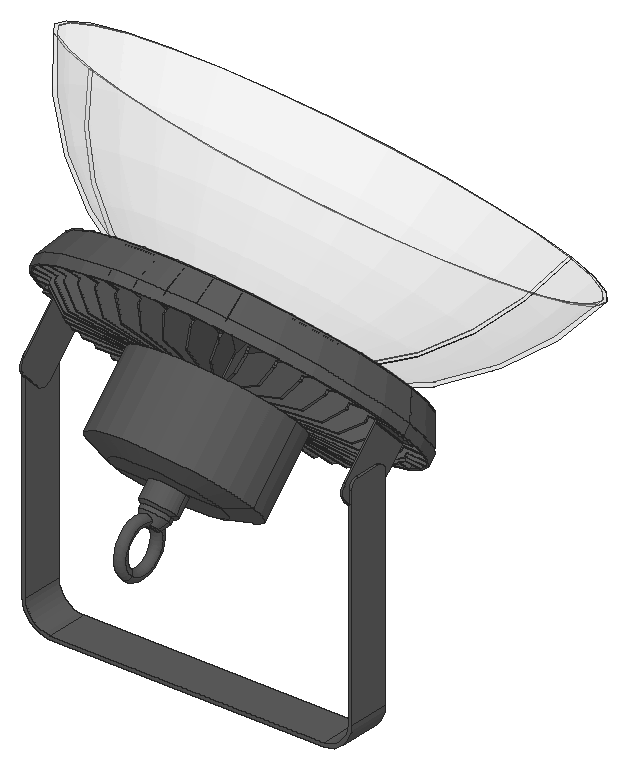
Revit family "0039351+0039354+0039358 Feilo Sylvania Lighting Fixture START HIGHBAY 6K 19KLM WIDE with BRACKET and PC LAMPSHADE TRANSPARENT", category Lighting Fixtures, host Face, Revit 2017 (continued)
Definition of nested family "Start LED Highbay Head"
  Dimensions and locks
    "RHRadius2_FEILO": plane 3 "Center (Left/Right)" to plane 32
    "RHHeight3_FEILO": plane 31 to plane 33
    "RHHeight4_FEILO": plane 33 to plane 34
    "RHRadius3_FEILO": plane 3 "Center (Left/Right)" to plane 35
    "RHHeight1_FEILO": plane 28 to plane 30
    "EyeInner_FEILO": plane 34 to plane 36
    "EyeInner_FEILO": plane 36 to plane 37
    equal spacing: plane 38, plane 3 "Center (Left/Right)", plane 39
    "EyeThickness_FEILO": plane 38 to plane 39
    "EyeThickness_FEILO": plane 37 to plane 40
    equal spacing: plane 37, plane 41, plane 40
    equal spacing: plane 6, plane 42, plane 18
    "ThicknessBracket_FEILO": plane 45 to plane 6
    "ThicknessBracket_FEILO": plane 8 to plane 44
    locked: plane 43 to plane 18 at 1
    equal spacing: plane 24, plane 46, plane 26
    equal spacing: plane 47, plane 1 "Center (Front/Back)", plane 48
    "WidthBracket_FEILO": plane 47 to plane 48
    "WidthRingChamfer_FEILO": plane 50 to plane 49
    "ThicknessWall_FEILO": plane 51 to plane 49
    equal spacing: plane 50, plane 52, plane 51
    "ThicknessBracket_FEILO": plane 54 to plane 50
    locked: plane 53 to plane 51 at 1
    "Radius_FEILO": plane 49 to plane 3 "Center (Left/Right)"
    "ShadeRadiusOut_FEILO": plane 3 "Center (Left/Right)" to plane 55
    "ShadeHeight_FEILO": plane 56 to plane 4
    "ShadeRadiusIn_FEILO": plane 3 "Center (Left/Right)" to plane 57
    locked: plane 58 to plane 57 at 8
    "ShadeThickness_FEILO": plane 60 to plane 4
    "ShadeThickness_FEILO": plane 59 to plane 55
    "EyeThicknessHalf_FEILO": radius of curve 8
    "ThicknessBracket_FEILO": radius of Extrusion 7 sketch curve  (x2)
    "ThicknessBracketHalf_FEILO": radius of Extrusion 7 sketch curve  (x2)
    "ShadeRadiusBend_FEILO": radius of curve 9
    aligned and locked: plane 2 to Extrusion 1
    aligned and locked: level to Extrusion 1
    aligned and locked: plane 5 to curve 1
    aligned and locked: plane 6 to curve 1
    aligned and locked: plane 7 to curve 1
    aligned and locked: plane 10 to curve 2
    aligned and locked: plane 9 to curve 3
    aligned and locked: plane 4 to curve 3
    aligned and locked: plane 11 to curve 3
    aligned and locked: plane 4 to curve 4
    aligned and locked: plane 18 to curve 5
    aligned and locked: plane 10 to curve 5
    aligned and locked: Revolve 2 sketch curve to plane 3 "Center (Left/Right)"
    aligned and locked: Revolve 2 sketch curve to curve 3
    aligned and locked: Revolve 2 sketch curve to curve 1
    aligned and locked: plane 4 to Revolve 2 sketch curve
    aligned and locked: plane 9 to Revolve 2 sketch curve
    aligned and locked: Revolve 2 sketch curve to plane 13
    aligned and locked: Revolve 2 sketch curve to plane 10
    aligned and locked: plane 13 to Revolve 2 sketch curve
    aligned and locked: plane 10 to Revolve 2 sketch curve
    aligned and locked: Revolve 2 sketch curve to plane 18
    aligned and locked: Revolve 2 sketch curve to plane 8
    aligned and locked: plane 5 to Revolve 2 sketch curve  (x2)
    aligned and locked: Revolve 3 sketch curve to plane 3 "Center (Left/Right)"
    aligned and locked: plane 11 to Revolve 3 sketch curve
    aligned and locked: Revolve 3 sketch curve to curve 2
    aligned and locked: plane 15 to Revolve 3 sketch curve
    aligned and locked: Revolve 3 sketch curve to plane 16
    aligned and locked: plane 17 to Revolve 3 sketch curve  (x2)
    aligned and locked: Revolve 3 sketch curve to plane 12
    aligned and locked: plane 7 to Revolve 3 sketch curve
    aligned and locked: Revolve 4 sketch curve to plane 3 "Center (Left/Right)"
    aligned and locked: Revolve 4 sketch curve to plane 14
    aligned and locked: plane 3 "Center (Left/Right)" to Revolve 4 sketch curve
    aligned and locked: Revolve 4 sketch curve to plane 12
    aligned and locked: plane 15 to Revolve 4 sketch curve
    aligned and locked: Revolve 2 sketch curve to curve 5
    aligned and locked: plane 22 to curve 6
    aligned and locked: plane 21 to curve 6
    aligned and locked: plane 20 to curve 6
    aligned and locked: plane 19 to curve 6
    aligned and locked: plane 33 to curve 7
    aligned and locked: plane 32 to curve 7
    aligned and locked: plane 35 to curve 7
    aligned and locked: plane 34 to curve 7
    aligned and locked: Revolve 5 sketch curve to plane 3 "Center (Left/Right)"
    aligned and locked: Revolve 5 sketch curve to plane 25
    aligned and locked: plane 27 to Revolve 5 sketch curve
    aligned and locked: plane 28 to Revolve 5 sketch curve
    aligned and locked: plane 30 to Revolve 5 sketch curve
    aligned and locked: Revolve 5 sketch curve to plane 29
    aligned and locked: plane 31 to Revolve 5 sketch curve
    aligned and locked: Revolve 5 sketch curve to curve 7
    aligned and locked: Revolve 5 sketch curve to plane 32
    aligned and locked: plane 34 to Revolve 5 sketch curve
    aligned and locked: plane 3 "Center (Left/Right)" to Revolve 5 sketch curve
    aligned and locked: plane 3 "Center (Left/Right)" to curve 8
    aligned and locked: plane 41 to curve 8
    aligned and locked: Revolve 6 sketch curve to plane 36
    aligned and locked: Revolve 6 sketch curve to curve 8
    aligned and locked: plane 43 to Extrusion 7 sketch curve  (x2)
    aligned and locked: plane 8 to Extrusion 7 sketch curve  (x3)
    aligned and locked: Extrusion 7 sketch curve to plane 45
    aligned and locked: Extrusion 7 sketch curve to plane 46  (x2)
    aligned and locked: plane 6 to Extrusion 7 sketch curve
    aligned and locked: Extrusion 7 sketch curve to plane 44  (x2)
    aligned and locked: Extrusion 7 to plane 48
    aligned and locked: plane 47 to Extrusion 7
    aligned and locked: plane 53 to Extrusion 7 sketch curve
    aligned and locked: plane 50 to Extrusion 7 sketch curve
    aligned and locked: Extrusion 7 sketch curve to plane 54
    aligned and locked: Extrusion 8 sketch curve to Extrusion 8 sketch curve
    aligned and locked: Extrusion 8 to plane 6
    aligned and locked: Extrusion 8 to Extrusion 7
    aligned and locked: Revolve 5 sketch curve to plane 22
    aligned and locked: plane 23 to nested 1
    aligned and locked: plane 1 "Center (Front/Back)" to nested 1
    aligned and locked: Revolve 9 sketch curve to plane 3 "Center (Left/Right)"
    aligned and locked: Revolve 9 sketch curve to plane 4
    aligned and locked: plane 6 to Revolve 9 sketch curve
    aligned and locked: plane 4 to Revolve 9 sketch curve
    aligned and locked: plane 7 to Revolve 9 sketch curve
    aligned and locked: Revolve 9 sketch curve to plane 5
    aligned and locked: plane 8 to Revolve 9 sketch curve  (x2)
    aligned and locked: Revolve 9 sketch curve to plane 19
    aligned and locked: plane 20 to Revolve 9 sketch curve
    aligned and locked: plane 19 to Revolve 9 sketch curve
    aligned and locked: plane 21 to Revolve 9 sketch curve
    aligned and locked: plane 22 to Revolve 9 sketch curve  (x2)
    aligned and locked: Revolve 9 sketch curve to Revolve 9 sketch curve
    aligned and locked: imposter light to plane 4
    aligned and locked: plane 3 "Center (Left/Right)" to imposter light
    aligned and locked: imposter light to plane 1 "Center (Front/Back)"
    aligned and locked: plane 55 to curve 9
    aligned and locked: plane 56 to curve 9
    aligned and locked: plane 57 to curve 9
    aligned and locked: plane 4 to curve 9
    aligned and locked: Revolve 10 sketch curve to curve 9
    aligned and locked: plane 58 to Revolve 10 sketch curve
    aligned and locked: plane 57 to Revolve 10 sketch curve
    aligned and locked: plane 56 to Revolve 10 sketch curve  (x2)
    aligned and locked: Revolve 10 sketch curve to plane 58
    aligned and locked: plane 60 to Revolve 10 sketch curve
  Automatic sketch dimensions
    Extrusion 1 sketch curve to Extrusion 1 sketch curve = 2438.4 mm  (x2)
    Revolve 2 sketch curve to plane 6 = 0.299 mm
    plane 6 to Revolve 2 sketch curve = 0.459 mm
    Revolve 2 sketch curve to level = 609.6 mm
    Revolve 2 sketch curve to Revolve 2 sketch curve = 2312.223 mm
    Revolve 3 sketch curve to plane 12 = 0 mm
    Revolve 3 sketch curve to plane 3 "Center (Left/Right)" = 0 mm
    Revolve 3 sketch curve to level = 609.6 mm
    Revolve 3 sketch curve to plane 4 = 2339.058 mm
    Revolve 4 sketch curve to level = 609.6 mm
    Revolve 4 sketch curve to plane 4 = 2339.058 mm
    Revolve 6 sketch curve to plane 5 = 1080 mm
    plane 38 to Revolve 6 sketch curve = 1219.2 mm
    Extrusion 8 sketch curve to plane 47 = 0 mm
    plane 46 to Extrusion 8 sketch curve = 0 mm  (x2)
    Extrusion 8 sketch curve to plane 48 = 0 mm
    plane 47 to Extrusion 8 sketch curve = 5 mm
    plane 1 "Center (Front/Back)" to Extrusion 8 sketch curve = 10 mm
    Extrusion 8 sketch curve to Extrusion 8 sketch curve = 10 mm
    plane 46 to Extrusion 8 sketch curve = 5 mm
    Extrusion 8 sketch curve to Extrusion 8 sketch curve = 5 mm
    Extrusion 8 sketch curve to plane 48 = 5 mm
    Revolve 5 sketch curve to plane 26 = 0 mm
    Revolve 5 sketch curve to plane 35 = 0.437 mm
    plane 35 to Revolve 5 sketch curve = 0.847 mm
    Revolve 5 sketch curve to plane 34 = 0.726 mm
    plane 40 to Revolve 5 sketch curve = 590.2 mm
    Revolve 5 sketch curve to plane 4 = 2339.058 mm
    Revolve 9 sketch curve to level = 609.6 mm
    Revolve 9 sketch curve to Revolve 9 sketch curve = 2386.058 mm
    curve 2 to plane 3 "Center (Left/Right)" = 0 mm
    Revolve 10 sketch curve to Revolve 10 sketch curve = 0 mm  (x2)
    Revolve 10 sketch curve to plane 3 "Center (Left/Right)" = 0 mm
    plane 57 to Revolve 10 sketch curve = 0.659 mm
    Revolve 10 sketch curve to level = 609.6 mm
    Revolve 10 sketch curve to Revolve 10 sketch curve = 2068.248 mm
  Nested families
    nested 1: "Start Highbay Rib" at (0, 0, 67.775), type "Type Name", detail levels medium+fine
      with SuspensionHeight_FEILO 2.6 mm
    nested 2: "Start Highbay Rib" at (0, 0, 67.775) x (0.9877, 0.1564, 0) z (0, 0, 1), type "Type Name", detail levels medium+fine
      with SuspensionHeight_FEILO 2.6 mm
    nested 3: "Start Highbay Rib" at (0, 0, 67.775) x (0.9511, 0.309, 0) z (0, 0, 1), type "Type Name", detail levels medium+fine
      with SuspensionHeight_FEILO 2.6 mm
    nested 4: "Start Highbay Rib" at (0, 0, 67.775) x (0.891, 0.454, 0) z (0, 0, 1), type "Type Name", detail levels medium+fine
      with SuspensionHeight_FEILO 2.6 mm
    nested 5: "Start Highbay Rib" at (0, 0, 67.775) x (0.809, 0.5878, 0) z (0, 0, 1), type "Type Name", detail levels medium+fine
      with SuspensionHeight_FEILO 2.6 mm
    nested 6: "Start Highbay Rib" at (0, 0, 67.775) x (0.7071, 0.7071, 0) z (0, 0, 1), type "Type Name", detail levels medium+fine
      with SuspensionHeight_FEILO 2.6 mm
    nested 7: "Start Highbay Rib" at (0, 0, 67.775) x (0.5878, 0.809, 0) z (0, 0, 1), type "Type Name", detail levels medium+fine
      with SuspensionHeight_FEILO 2.6 mm
    nested 8: "Start Highbay Rib" at (0, 0, 67.775) x (0.454, 0.891, 0) z (0, 0, 1), type "Type Name", detail levels medium+fine
      with SuspensionHeight_FEILO 2.6 mm
    nested 9: "Start Highbay Rib" at (0, 0, 67.775) x (0.309, 0.9511, 0) z (0, 0, 1), type "Type Name", detail levels medium+fine
      with SuspensionHeight_FEILO 2.6 mm
    nested 10: "Start Highbay Rib" at (0, 0, 67.775) x (0.1564, 0.9877, 0) z (0, 0, 1), type "Type Name", detail levels medium+fine
      with SuspensionHeight_FEILO 2.6 mm
    nested 11: "Start Highbay Rib" at (0, 0, 67.775) x (0, 1, 0) z (0, 0, 1), type "Type Name", detail levels medium+fine
      with SuspensionHeight_FEILO 2.6 mm
    nested 12: "Start Highbay Rib" at (0, 0, 67.775) x (-0.1564, 0.9877, 0) z (0, 0, 1), type "Type Name", detail levels medium+fine
      with SuspensionHeight_FEILO 2.6 mm
    nested 13: "Start Highbay Rib" at (0, 0, 67.775) x (-0.309, 0.9511, 0) z (0, 0, 1), type "Type Name", detail levels medium+fine
      with SuspensionHeight_FEILO 2.6 mm
    nested 14: "Start Highbay Rib" at (0, 0, 67.775) x (-0.454, 0.891, 0) z (0, 0, 1), type "Type Name", detail levels medium+fine
      with SuspensionHeight_FEILO 2.6 mm
    nested 15: "Start Highbay Rib" at (0, 0, 67.775) x (-0.5878, 0.809, 0) z (0, 0, 1), type "Type Name", detail levels medium+fine
      with SuspensionHeight_FEILO 2.6 mm
    nested 16: "Start Highbay Rib" at (0, 0, 67.775) x (-0.7071, 0.7071, 0) z (0, 0, 1), type "Type Name", detail levels medium+fine
      with SuspensionHeight_FEILO 2.6 mm
    nested 17: "Start Highbay Rib" at (0, 0, 67.775) x (-0.809, 0.5878, 0) z (0, 0, 1), type "Type Name", detail levels medium+fine
      with SuspensionHeight_FEILO 2.6 mm
    nested 18: "Start Highbay Rib" at (0, 0, 67.775) x (-0.891, 0.454, 0) z (0, 0, 1), type "Type Name", detail levels medium+fine
      with SuspensionHeight_FEILO 2.6 mm
    nested 19: "Start Highbay Rib" at (0, 0, 67.775) x (-0.9511, 0.309, 0) z (0, 0, 1), type "Type Name", detail levels medium+fine
      with SuspensionHeight_FEILO 2.6 mm
    nested 20: "Start Highbay Rib" at (0, 0, 67.775) x (-0.9877, 0.1564, 0) z (0, 0, 1), type "Type Name", detail levels medium+fine
      with SuspensionHeight_FEILO 2.6 mm
    nested 21: "Start Highbay Rib" at (0, 0, 67.775) x (-1, 0, 0) z (0, 0, 1), type "Type Name", detail levels medium+fine
      with SuspensionHeight_FEILO 2.6 mm
    nested 22: "Start Highbay Rib" at (0, 0, 67.775) x (-0.9877, -0.1564, 0) z (0, 0, 1), type "Type Name", detail levels medium+fine
      with SuspensionHeight_FEILO 2.6 mm
    nested 23: "Start Highbay Rib" at (0, 0, 67.775) x (-0.9511, -0.309, 0) z (0, 0, 1), type "Type Name", detail levels medium+fine
      with SuspensionHeight_FEILO 2.6 mm
    nested 24: "Start Highbay Rib" at (0, 0, 67.775) x (-0.891, -0.454, 0) z (0, 0, 1), type "Type Name", detail levels medium+fine
      with SuspensionHeight_FEILO 2.6 mm
    nested 25: "Start Highbay Rib" at (0, 0, 67.775) x (-0.809, -0.5878, 0) z (0, 0, 1), type "Type Name", detail levels medium+fine
      with SuspensionHeight_FEILO 2.6 mm
    nested 26: "Start Highbay Rib" at (0, 0, 67.775) x (-0.7071, -0.7071, 0) z (0, 0, 1), type "Type Name", detail levels medium+fine
      with SuspensionHeight_FEILO 2.6 mm
    nested 27: "Start Highbay Rib" at (0, 0, 67.775) x (-0.5878, -0.809, 0) z (0, 0, 1), type "Type Name", detail levels medium+fine
      with SuspensionHeight_FEILO 2.6 mm
    nested 28: "Start Highbay Rib" at (0, 0, 67.775) x (-0.454, -0.891, 0) z (0, 0, 1), type "Type Name", detail levels medium+fine
      with SuspensionHeight_FEILO 2.6 mm
    nested 29: "Start Highbay Rib" at (0, 0, 67.775) x (-0.309, -0.9511, 0) z (0, 0, 1), type "Type Name", detail levels medium+fine
      with SuspensionHeight_FEILO 2.6 mm
    nested 30: "Start Highbay Rib" at (0, 0, 67.775) x (-0.1564, -0.9877, 0) z (0, 0, 1), type "Type Name", detail levels medium+fine
      with SuspensionHeight_FEILO 2.6 mm
    nested 31: "Start Highbay Rib" at (0, 0, 67.775) x (0, -1, 0) z (0, 0, 1), type "Type Name", detail levels medium+fine
      with SuspensionHeight_FEILO 2.6 mm
    nested 32: "Start Highbay Rib" at (0, 0, 67.775) x (0.1564, -0.9877, 0) z (0, 0, 1), type "Type Name", detail levels medium+fine
      with SuspensionHeight_FEILO 2.6 mm
    nested 33: "Start Highbay Rib" at (0, 0, 67.775) x (0.309, -0.9511, 0) z (0, 0, 1), type "Type Name", detail levels medium+fine
      with SuspensionHeight_FEILO 2.6 mm
    nested 34: "Start Highbay Rib" at (0, 0, 67.775) x (0.454, -0.891, 0) z (0, 0, 1), type "Type Name", detail levels medium+fine
      with SuspensionHeight_FEILO 2.6 mm
    nested 35: "Start Highbay Rib" at (0, 0, 67.775) x (0.5878, -0.809, 0) z (0, 0, 1), type "Type Name", detail levels medium+fine
      with SuspensionHeight_FEILO 2.6 mm
    nested 36: "Start Highbay Rib" at (0, 0, 67.775) x (0.7071, -0.7071, 0) z (0, 0, 1), type "Type Name", detail levels medium+fine
      with SuspensionHeight_FEILO 2.6 mm
    nested 37: "Start Highbay Rib" at (0, 0, 67.775) x (0.809, -0.5878, 0) z (0, 0, 1), type "Type Name", detail levels medium+fine
      with SuspensionHeight_FEILO 2.6 mm
    nested 38: "Start Highbay Rib" at (0, 0, 67.775) x (0.891, -0.454, 0) z (0, 0, 1), type "Type Name", detail levels medium+fine
      with SuspensionHeight_FEILO 2.6 mm
    nested 39: "Start Highbay Rib" at (0, 0, 67.775) x (0.9511, -0.309, 0) z (0, 0, 1), type "Type Name", detail levels medium+fine
      with SuspensionHeight_FEILO 2.6 mm
    nested 40: "Start Highbay Rib" at (0, 0, 67.775) x (0.9877, -0.1564, 0) z (0, 0, 1), type "Type Name", detail levels medium+fine
      with SuspensionHeight_FEILO 2.6 mm
  Definition of nested family "Start Highbay Rib"
    Parameters (values of type "Type Name")
      WidthStraight_FEILO = if(SizeS_FEILO, 3 mm, if(SizeM_FEILO, 4 mm, 4.7 mm))  # 3 mm
      WidthRingChamfer_FEILO = if(SizeS_FEILO, 10.3 mm, if(SizeM_FEILO, 11.2 mm, 12.9 mm))  # 10.3 mm
      WidthCurved_FEILO = if(SizeS_FEILO, 17.4 mm, if(SizeM_FEILO, 16.4 mm, 26.2 mm))  # 17.4 mm
      WidthCurvedRing_FEILO = if(SizeS_FEILO, 3 mm, if(SizeM_FEILO, 4 mm, 4.7 mm))  # 3 mm
      WidthBracket_FEILO = 40 mm
      URL = "http://www.feilosylvania.com"
      Type Image = (empty or 0)
      Type Comments = "n/a"
      ThicknessWall_FEILO = 1.5 mm
      ThicknessBracket_FEILO = 1.5 mm
      ThicknessBracketHalf_FEILO = ThicknessBracket_FEILO / 2  # 0.75 mm
      SuspensionHeight_FEILO [instance] = 2.6 mm
      SizeS_FEILO = yes
      SizeM_FEILO = no
      Rib4_FEILO = if(SizeS_FEILO, 18.1 mm, if(SizeM_FEILO, 13.6 mm, 14.6 mm))  # 18.1 mm
      Rib3_FEILO = if(SizeS_FEILO, 15.3 mm, if(SizeM_FEILO, 17.6 mm, 20.2 mm))  # 15.3 mm
      Rib2_FEILO = if(SizeS_FEILO, 3.6 mm, if(SizeM_FEILO, 3.9 mm, 4.5 mm))  # 3.6 mm
      Rib1_FEILO = if(SizeS_FEILO, 15.1 mm, if(SizeM_FEILO, 16.5 mm, 19 mm))  # 15.1 mm
      RadiusRib_FEILO = 2 mm
      RadiusDiffuser_FEILO = if(SizeS_FEILO, 95.2 mm, if(SizeM_FEILO, 105.3 mm, 120 mm))  # 95.2 mm
      RHRadius3_FEILO = if(SizeS_FEILO, 6.6 mm, if(SizeM_FEILO, 7.4 mm, 8.6 mm))  # 6.6 mm
      RHRadius2_FEILO = if(SizeS_FEILO, 11 mm, if(SizeM_FEILO, 12 mm, 14 mm))  # 11 mm
      RHRadius1_FEILO = if(SizeS_FEILO, 13.6 mm, if(SizeM_FEILO, 14.9 mm, 17.7 mm))  # 13.6 mm
      RHHeight4_FEILO = if(SizeS_FEILO, 7.3 mm, if(SizeM_FEILO, 8 mm, 9.2 mm))  # 7.3 mm
      RHHeight3_FEILO = if(SizeS_FEILO, 3.6 mm, if(SizeM_FEILO, 3.7 mm, 4.6 mm))  # 3.6 mm
      RHHeight2_FEILO = if(SizeS_FEILO, 2 mm, if(SizeM_FEILO, 2.2 mm, 2.6 mm))  # 2 mm
      RHHeight1_FEILO = if(SizeS_FEILO, 11.8 mm, if(SizeM_FEILO, 15.3 mm, 17.4 mm))  # 11.8 mm
      Material_3_FEILO = none
      Model = ""
      Manufacturer = "Feilo Sylvania"
      Keynote = "16500"
      HeightRing_FEILO = if(SizeS_FEILO, 19.8 mm, if(SizeM_FEILO, 32 mm, 36.8 mm))  # 19.8 mm
      HeightRingChamfer_FEILO = if(SizeS_FEILO, 11.7 mm, if(SizeM_FEILO, 23.2 mm, 26.6 mm))  # 11.7 mm
      EyeThickness_FEILO = if(SizeS_FEILO, 8.4 mm, if(SizeM_FEILO, 9.2 mm, 10.5 mm))  # 8.4 mm
      EyeThicknessHalf_FEILO = EyeThickness_FEILO / 2  # 4.2 mm
      EyeInner_FEILO = if(SizeS_FEILO, 13.8 mm, if(SizeM_FEILO, 15.1 mm, 17.3 mm))  # 13.8 mm
      DriverVerticalStraight_FEILO = if(SizeS_FEILO, 46.5 mm, if(SizeM_FEILO, 49.7 mm, 57 mm))  # 46.5 mm
      DriverVerticalChamfer_FEILO = if(SizeS_FEILO, 7.5 mm, if(SizeM_FEILO, 8.2 mm, 9.5 mm))  # 7.5 mm
      DriverRadius_FEILO = if(SizeS_FEILO, 61.4 mm, if(SizeM_FEILO, 67.2 mm, 76.4 mm))  # 61.4 mm
      DriverRadiusTop_FEILO = if(SizeS_FEILO, 42 mm, if(SizeM_FEILO, 45.3 mm, 52.4 mm))  # 42 mm
      DriverBottom_FEILO = if(SizeS_FEILO, 56 mm, if(SizeM_FEILO, 64.5 mm, 74 mm))  # 56 mm
      Material_2_FEILO = none
      Radius_FEILO = if(SizeS_FEILO, 135 mm, if(SizeM_FEILO, 148 mm, 169.5 mm))  # 135 mm
      Description = ""
      Default Elevation = 1219.2 mm
      Cost = 0
      Material_1_FEILO = none
      Assembly Code = "D5020200"
      Material_4_FEILO = none
    Reference planes
      plane 1 "Center (Front/Back)": y = 0
      plane 2: z = 0
      plane 3 "Center (Left/Right)": x = 0
      plane 4: z = 2.6
      plane 5: x = -135
      plane 6: x = -124.7
      plane 7: z = -9.1
      plane 8: z = -17.2
      plane 9: x = -121.7
      plane 10: z = -0.025
      plane 11: x = -104.3
      plane 12: x = -95.2
      plane 13: x = -118.7
      plane 14: z = 0.975
      plane 15: z = -1.025
      plane 16: x = -92.2
      plane 17: z = -2.025
      plane 18: x = -133.5
      plane 19: x = -119.9
      plane 20: z = -20.8
      plane 21: x = -104.6
      plane 22: z = -38.9
      plane 23: x = -20
      plane 24: z = -53.4
      plane 25: x = -61.4
      plane 26: z = -99.9
      plane 27: x = -42
      plane 28: z = -107.4
      plane 29: x = -13.6
      plane 30: z = -119.2
      plane 31: z = -121.2
      plane 32: x = -11
      plane 33: z = -124.8
      plane 34: z = -132.1
      plane 35: x = -6.6
      plane 36: z = -145.9
      plane 37: z = -159.7
      plane 38: x = 4.2
      plane 39: x = -4.2
      plane 40: z = -168.1
      plane 41: z = -163.9
      plane 42: x = -129.1
      plane 43: x = -132.5
      plane 44: z = -18.7
      plane 45: x = -123.2
      plane 46: z = -76.65
      plane 47: y = -20
      plane 48: y = 20
      plane 49: x = 135
      plane 50: x = 124.7
      plane 51: x = 133.5
      plane 52: x = 129.1
      plane 53: x = 132.5
      plane 54: x = 123.2
      plane 55: y = 0.75
      plane 56: y = -0.75
    Forms (mm)
      Extrusion 1, solid
        sketch origin (4.2, 0, 0) x (1, 0, 0) y (0, 1, 0)
          loop
            line (-1219.2, 1219.2) -> (-1219.2, -1219.2) -> (1219.2, -1219.2) -> (1219.2, 1219.2) -> (-1219.2, 1219.2)
        from 0 to -68.017
      Extrusion 2, solid, material <- "Material_1_FEILO"
        sketch origin (0, 0, 0) x (1, 0, 0) y (0, 0, 1)
          loop
            arc (-104.3, -0.025) -> (-111.555, 0.423) -> (-118.7, 1.76) r 58.981
            line (-118.7, 1.76) -> (-118.7, -0.025) -> (-125.012, -0.025) -> (-133.5, -9.666) -> (-133.5, -17.2) -> (-119.9, -17.2) -> (-119.9, -20.068)
            arc (-119.9, -20.068) -> (-119.778, -20.755) -> (-119.427, -21.359) r 2
            line (-119.427, -21.359) -> (-104.966, -38.467)
            arc (-104.966, -38.467) -> (-104.381, -38.789) -> (-103.723, -38.9) r 2
            line (-103.723, -38.9) -> (-20, -38.9) -> (-20, -9.1) -> (-95.2, -9.1) -> (-95.2, -2.025) -> (-104.3, -2.025) -> (-104.3, -0.025)
        from -0.75 to 0.75
    Lines and regions (mm)
      reference lines
        curve 1: line (-135, 0, -9.1) -> (-124.7, 0, 2.6)
        curve 2: line (-104.3, 0, -0.025) -> (0, 0, -0.025)
        curve 3: arc (-104.3, 0, -0.025) -> (-113.098, 0, 0.635) -> (-121.7, 0, 2.6) r 58.981
        curve 4: line (-124.7, 0, 2.6) -> (-121.7, 0, 2.6)
        curve 5: line (-125.012, 0, -0.025) -> (-133.5, 0, -9.666)
        curve 6: line (-119.9, 0, -20.8) -> (-104.6, 0, -38.9)
    Dimensions and locks
      "Radius_FEILO": plane 3 "Center (Left/Right)" to plane 5
      "WidthRingChamfer_FEILO": plane 6 to plane 5
      "WidthStraight_FEILO": plane 9 to plane 6
      "WidthCurvedRing_FEILO": plane 13 to plane 9
      locked: plane 10 to plane 15 at 1
      locked: plane 14 to plane 10 at 1
      locked: plane 4 to plane 10 at 2.625
      locked: plane 15 to plane 17 at 1
      "ThicknessWall_FEILO": plane 18 to plane 5
      "ThicknessWall_FEILO": curve 5 to curve 1
      "HeightRingChamfer_FEILO": plane 4 to plane 7
      "HeightRing_FEILO": plane 4 to plane 8
      "RadiusDiffuser_FEILO": plane 3 "Center (Left/Right)" to plane 12
      locked: plane 16 to plane 12 at 3
      "WidthCurved_FEILO": plane 11 to plane 9
      "SuspensionHeight_FEILO": plane 4 to plane 2
      "Rib1_FEILO": plane 19 to plane 5
      "Rib2_FEILO": plane 8 to plane 20
      "Rib3_FEILO": plane 21 to plane 19
      "Rib4_FEILO": plane 20 to plane 22
      locked: plane 3 "Center (Left/Right)" to plane 23 at 20
      "DriverBottom_FEILO": plane 4 to plane 24
      "DriverRadius_FEILO": plane 3 "Center (Left/Right)" to plane 25
      "DriverVerticalStraight_FEILO": plane 24 to plane 26
      "DriverRadiusTop_FEILO": plane 3 "Center (Left/Right)" to plane 27
      "DriverVerticalChamfer_FEILO": plane 26 to plane 28
      "RHRadius1_FEILO": plane 3 "Center (Left/Right)" to plane 29
      "RHHeight2_FEILO": plane 30 to plane 31
      "RHRadius2_FEILO": plane 3 "Center (Left/Right)" to plane 32
      "RHHeight3_FEILO": plane 31 to plane 33
      "RHHeight4_FEILO": plane 33 to plane 34
      "RHRadius3_FEILO": plane 3 "Center (Left/Right)" to plane 35
      "RHHeight1_FEILO": plane 28 to plane 30
      "EyeInner_FEILO": plane 34 to plane 36
      "EyeInner_FEILO": plane 36 to plane 37
      equal spacing: plane 38, plane 3 "Center (Left/Right)", plane 39
      "EyeThickness_FEILO": plane 38 to plane 39
      "EyeThickness_FEILO": plane 37 to plane 40
      equal spacing: plane 37, plane 41, plane 40
      equal spacing: plane 6, plane 42, plane 18
      "ThicknessBracket_FEILO": plane 45 to plane 6
      "ThicknessBracket_FEILO": plane 8 to plane 44
      locked: plane 43 to plane 18 at 1
      equal spacing: plane 24, plane 46, plane 26
      equal spacing: plane 47, plane 1 "Center (Front/Back)", plane 48
      "WidthBracket_FEILO": plane 47 to plane 48
      "WidthRingChamfer_FEILO": plane 50 to plane 49
      "ThicknessWall_FEILO": plane 51 to plane 49
      equal spacing: plane 50, plane 52, plane 51
      "ThicknessBracket_FEILO": plane 54 to plane 50
      locked: plane 53 to plane 51 at 1
      "Radius_FEILO": plane 49 to plane 3 "Center (Left/Right)"
      equal spacing: plane 56, plane 1 "Center (Front/Back)", plane 55
      "ThicknessWall_FEILO": plane 56 to plane 55
      "RadiusRib_FEILO": radius of Extrusion 2 sketch curve  (x2)
      aligned and locked: plane 2 to Extrusion 1
      aligned and locked: level to Extrusion 1
      aligned and locked: plane 5 to curve 1
      aligned and locked: plane 6 to curve 1
      aligned and locked: plane 7 to curve 1
      aligned and locked: plane 10 to curve 2
      aligned and locked: plane 9 to curve 3
      aligned and locked: plane 4 to curve 3
      aligned and locked: plane 11 to curve 3
      aligned and locked: plane 4 to curve 4
      aligned and locked: plane 18 to curve 5
      aligned and locked: plane 10 to curve 5
      aligned and locked: plane 22 to curve 6
      aligned and locked: plane 21 to curve 6
      aligned and locked: plane 20 to curve 6
      aligned and locked: plane 19 to curve 6
      aligned and locked: Extrusion 2 sketch curve to plane 23
      aligned and locked: Extrusion 2 sketch curve to plane 22
      aligned and locked: Extrusion 2 sketch curve to curve 6
      aligned and locked: plane 19 to Extrusion 2 sketch curve
      aligned and locked: Extrusion 2 sketch curve to plane 8
      aligned and locked: Extrusion 2 sketch curve to curve 5
      aligned and locked: Extrusion 2 sketch curve to curve 3
      aligned and locked: Extrusion 2 to plane 55
      aligned and locked: plane 56 to Extrusion 2
      aligned and locked: curve 6 to Extrusion 2 sketch curve
    Automatic sketch dimensions
      Extrusion 1 sketch curve to Extrusion 1 sketch curve = 2438.4 mm  (x2)
      curve 2 to plane 3 "Center (Left/Right)" = 0 mm
      Extrusion 2 sketch curve to plane 18 = 0 mm
      Extrusion 2 sketch curve to plane 10 = 0 mm
      Extrusion 2 sketch curve to plane 13 = 0 mm
      Extrusion 2 sketch curve to plane 7 = 0 mm
      Extrusion 2 sketch curve to plane 12 = 0 mm
      Extrusion 2 sketch curve to plane 17 = 0 mm
      plane 19 to Extrusion 2 sketch curve = 0.473 mm
      Extrusion 2 sketch curve to plane 21 = 0.366 mm
